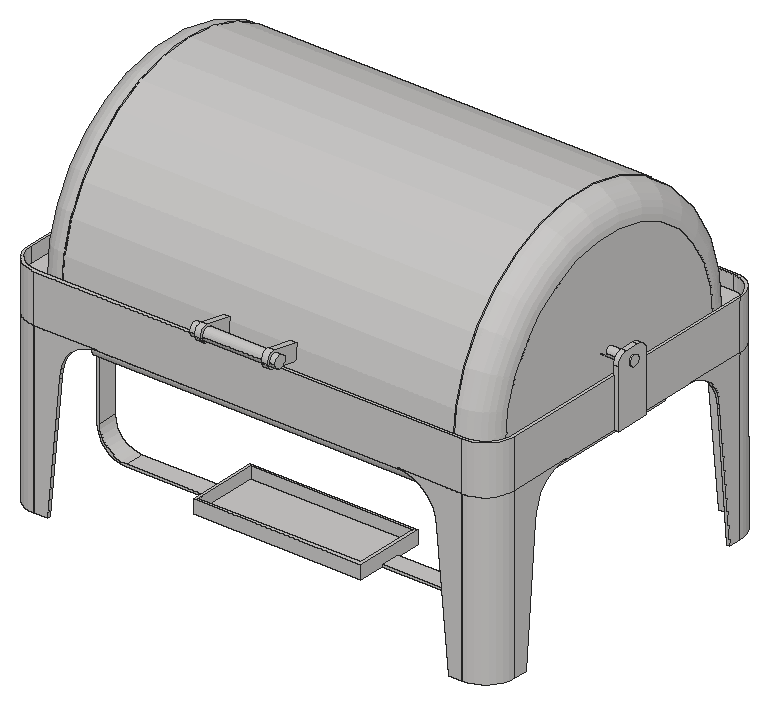
Revit family "QF_Vollrath_46080", category Specialty Equipment, Revit 2016
Family settings
  Part Type = Normal
  Round Connector Dimension = Use Diameter
  OmniClass Number = 23.40.40.14
  OmniClass Title = Food Service Equipment
  Work Plane-Based = No
  Always vertical = Yes
  Cut with Voids When Loaded = No
  Shared = No
  Room Calculation Point = No
Parameters
  Weight in Pounds = 38.65
  Watermarked By = "http://revitwatermark.com"
  URL Cutsheet = ""
  URL = "www.vollrathco.com"
  Status [instance] = ""
  Specification by User [instance] = ""
  Specification by Manufacturer [instance] = ""
  Serial Number [instance] = ""
  Seismic Rating [instance] = ""
  SMACNA No [instance] = ""
  Revision Code [instance] = ""
  NAFEM Spec ID Number [instance] = ""
  Model = "46080"
  Masterspec [instance] = ""
  Manufacturer = "Vollrath"
  Item Number [instance] = "-"
  Installed By [instance] = ""
  Height AFF [instance] = 3' - 0"
  Furnished By [instance] = ""
  Foodservice Equipment Identifier [instance] = yes
  Description = "New York, New York Dripless Chafer"
  CSI MasterFormat = "11 40 00"
  Assembly Code = "E1090310"
Reference planes (in)
  plane 1: z = 0
  plane 2 "Skirt Middle": z = 44.625
  plane 3 "TOP": z = 54.5
  plane 4 "Table Top": z = 36
  plane 5 "LEFT": x = -11.625
  plane 6: x = -10.6875
  plane 7: x = -9.4375
  plane 8: x = -9.1875
  plane 9: x = -3.4375
  plane 10 "RIGHT": x = 13.375
  plane 11: x = 12.4375
  plane 12: x = 11.1875
  plane 13: x = 10.9375
  plane 14: x = 5.1875
  plane 15 "FRONT": y = -17.875
  plane 16: y = -10.9375
  plane 17: y = -9.625
  plane 18 "BACK": y = -0.375
  plane 19: y = -7.3125
  plane 20: y = -8.625
  plane 21 "Center LR": y = -9.125
  plane 22 "Center FB": x = 0.875
  plane 23: z = 47.125
  plane 24 "Chaffer Surface": z = 46.25
  plane 25: z = 42.3125
  plane 26: z = 37.5
  plane 27: z = 38.1875
  plane 28: y = -18.875
  plane 29: y = -14.1875
Forms (in)
  Extrusion 1, solid, material "QF_Finishes_Polished Steel"
    sketch origin (-12, 0, 0) x (0, 1, 0) y (0, 0, 1)
      loop
        arc (-0.96258, 46.25) -> (-9.125, 54.41242) -> (-17.28742, 46.25) r 8.16242
        line (-17.28742, 46.25) -> (-0.96258, 46.25)
    from 2.8125 to 22.9375
  Revolve 2, solid, material "QF_Finishes_Polished Steel"
    sketch origin (0, -9.125, 0) x (1, 0, 0) y (0, 0, 1)
      loop
        line (-9.1875, 46.25) -> (-9.1875, 54.41242)
        arc (-9.1875, 54.41242) -> (-10.24816, 53.97308) -> (-10.6875, 52.91242) r 1.5
        line (-10.6875, 52.91242) -> (-10.6875, 46.25) -> (-9.1875, 46.25)
      axis (-10.6875, 46.25) -> (-9.1875, 46.25)
    angle from 90 to -90
  Revolve 3, solid, material "QF_Finishes_Polished Steel"
    sketch origin (1.625, -9.125, 0) x (-1, 0, 0) y (0, 0, 1)
      loop
        line (-9.3125, 46.25) -> (-9.3125, 54.41242)
        arc (-9.3125, 54.41242) -> (-10.37316, 53.97308) -> (-10.8125, 52.91242) r 1.5
        line (-10.8125, 52.91242) -> (-10.8125, 46.25) -> (-9.3125, 46.25)
      axis (-9.3125, 46.25) -> (-10.8125, 46.25)
    angle from 90 to -90
  Extrusion 4, solid, material "QF_Finishes_Stainless Steel"
    sketch origin (0, 0, 46.75) x (0, 1, 0) y (-1, 0, 0)
      loop
        arc (-0.375, 10.125) -> (-0.81434, 11.18566) -> (-1.875, 11.625) r 1.5
        line (-1.875, 11.625) -> (-16.375, 11.625)
        arc (-16.375, 11.625) -> (-17.43566, 11.18566) -> (-17.875, 10.125) r 1.5
        line (-17.875, 10.125) -> (-17.875, -11.875)
        arc (-17.875, -11.875) -> (-17.43566, -12.93566) -> (-16.375, -13.375) r 1.5
        line (-16.375, -13.375) -> (-1.875, -13.375)
        arc (-1.875, -13.375) -> (-0.81434, -12.93566) -> (-0.375, -11.875) r 1.5
        line (-0.375, -11.875) -> (-0.375, 10.125)
      loop
        arc (-0.5, 10.125) -> (-0.90273, 11.09727) -> (-1.875, 11.5) r 1.375
        line (-1.875, 11.5) -> (-16.375, 11.5)
        arc (-16.375, 11.5) -> (-17.34727, 11.09727) -> (-17.75, 10.125) r 1.375
        line (-17.75, 10.125) -> (-17.75, -11.875)
        arc (-17.75, -11.875) -> (-17.34727, -12.84727) -> (-16.375, -13.25) r 1.375
        line (-16.375, -13.25) -> (-1.875, -13.25)
        arc (-1.875, -13.25) -> (-0.90273, -12.84727) -> (-0.5, -11.875) r 1.375
        line (-0.5, -11.875) -> (-0.5, 10.125)
    from 0.375 to -2.125
  Extrusion 5, solid, material "QF_Finishes_Stainless Steel"
    sketch origin (-12, 0, 0) x (0, 1, 0) y (0, 0, 1)
      loop
        line (-15.375, 46.25) -> (-15.375, 42.8125)
        arc (-15.375, 42.8125) -> (-15.22855, 42.45895) -> (-14.875, 42.3125) r 0.5
        line (-14.875, 42.3125) -> (-3.875, 42.3125)
        arc (-3.875, 42.3125) -> (-3.52145, 42.45895) -> (-3.375, 42.8125) r 0.5
        line (-3.375, 42.8125) -> (-3.375, 46.25) -> (-15.375, 46.25)
    from 2.8125 to 22.9375
  Extrusion 6, solid, material "QF_Finishes_Polished Steel"
    sketch origin (0.875, -0.84695, -0.5) x (0, 1, 0) y (0, 0, 1)
      loop
        line (-16.14706, 48.50934) -> (-17.63804, 48.79916)
        arc (-17.63804, 48.79916) -> (-18.11434, 48.47789) -> (-17.79307, 48.00159) r 0.40625
        line (-17.79307, 48.00159) -> (-16.27672, 47.70684)
        arc (-16.27672, 47.70684) -> (-16.2229, 48.10987) -> (-16.14706, 48.50934) r 7.41242
      loop
        circle (-17.71555, 48.40037) r 0.3125
    from 1.5625 to 1.875
  Extrusion 7, solid, material "QF_Finishes_Polished Steel"
    sketch origin (0.875, -0.84695, -0.5) x (0, 1, 0) y (0, 0, 1)
      loop
        line (-16.13988, 48.50795) -> (-17.63804, 48.79916)
        arc (-17.63804, 48.79916) -> (-18.11434, 48.47789) -> (-17.79307, 48.00159) r 0.40625
        line (-17.79307, 48.00159) -> (-16.26834, 47.70521)
        arc (-16.26834, 47.70521) -> (-16.21512, 48.10834) -> (-16.13988, 48.50795) r 7.41242
      loop
        circle (-17.71555, 48.40037) r 0.3125
    from -1.5625 to -1.875
  Extrusion 8, solid, material "QF_Finishes_Polished Steel"
    sketch origin (0.875, -0.84695, -0.5) x (0, 1, 0) y (0, 0, 1)
      loop
        circle (-17.71555, 48.40037) r 0.3125
    from -2.1875 to 2.1875
  Extrusion 9, solid, material "QF_Finishes_Stainless Steel"
    sketch origin (0, 0, 46.25) x (0, 1, 0) y (-1, 0, 0)
      loop
        line (-1.875, 11.5) -> (-16.375, 11.5)
        arc (-16.375, 11.5) -> (-17.34727, 11.09727) -> (-17.75, 10.125) r 1.375
        line (-17.75, 10.125) -> (-17.75, -11.875)
        arc (-17.75, -11.875) -> (-17.34727, -12.84727) -> (-16.375, -13.25) r 1.375
        line (-16.375, -13.25) -> (-1.875, -13.25)
        arc (-1.875, -13.25) -> (-0.90273, -12.84727) -> (-0.5, -11.875) r 1.375
        line (-0.5, -11.875) -> (-0.5, 10.125)
        arc (-0.5, 10.125) -> (-0.90273, 11.09727) -> (-1.875, 11.5) r 1.375
    from 0 to 0.125
  Extrusion 10, solid, material "QF_Finishes_Stainless Steel"
    sketch origin (0, 0, 36) x (0, 1, 0) y (-1, 0, 0)
      loop
        arc (-16.375, 11.625) -> (-17.43566, 11.18566) -> (-17.875, 10.125) r 1.5
        line (-17.875, 10.125) -> (-17.75, 10.125)
        arc (-17.75, 10.125) -> (-17.34727, 11.09727) -> (-16.375, 11.5) r 1.375
        line (-16.375, 11.5) -> (-16.375, 11.625)
      loop
        arc (-0.375, 10.125) -> (-0.81434, 11.18566) -> (-1.875, 11.625) r 1.5
        line (-1.875, 11.625) -> (-1.875, 11.5)
        arc (-1.875, 11.5) -> (-0.90273, 11.09727) -> (-0.5, 10.125) r 1.375
        line (-0.5, 10.125) -> (-0.375, 10.125)
      loop
        arc (-1.875, -13.375) -> (-0.81434, -12.93566) -> (-0.375, -11.875) r 1.5
        line (-0.375, -11.875) -> (-0.5, -11.875)
        arc (-0.5, -11.875) -> (-0.90273, -12.84727) -> (-1.875, -13.25) r 1.375
        line (-1.875, -13.25) -> (-1.875, -13.375)
      loop
        arc (-17.875, -11.875) -> (-17.43566, -12.93566) -> (-16.375, -13.375) r 1.5
        line (-16.375, -13.375) -> (-16.375, -13.25)
        arc (-16.375, -13.25) -> (-17.34727, -12.84727) -> (-17.75, -11.875) r 1.375
        line (-17.75, -11.875) -> (-17.875, -11.875)
    from 0 to 8.625
  Extrusion 11, solid, material "QF_Finishes_Stainless Steel"
    sketch origin (0, -17.875, 0) x (-1, 0, 0) y (0, 0, 1)
      loop
        line (10.125, 36) -> (10.125, 44.625) -> (6.8125, 44.625)
        arc (6.8125, 44.625) -> (8.22671, 44.03921) -> (8.8125, 42.625) r 2
        line (8.8125, 42.625) -> (9.4375, 36) -> (10.125, 36)
      loop
        line (-11.875, 36) -> (-11.1875, 36) -> (-10.5625, 42.625)
        arc (-10.5625, 42.625) -> (-9.97671, 44.03921) -> (-8.5625, 44.625) r 2
        line (-8.5625, 44.625) -> (-11.875, 44.625) -> (-11.875, 36)
    from 0 to 0.125
  Extrusion 12, solid, material "QF_Finishes_Stainless Steel"
    sketch origin (0, -0.375, 0) x (-1, 0, 0) y (0, 0, -1)
      loop
        line (10.125, -36) -> (9.4375, -36) -> (8.8125, -42.625)
        arc (8.8125, -42.625) -> (8.22671, -44.03921) -> (6.8125, -44.625) r 2
        line (6.8125, -44.625) -> (10.125, -44.625) -> (10.125, -36)
      loop
        line (-11.875, -36) -> (-11.875, -44.625) -> (-8.5625, -44.625)
        arc (-8.5625, -44.625) -> (-9.97671, -44.03921) -> (-10.5625, -42.625) r 2
        line (-10.5625, -42.625) -> (-11.1875, -36) -> (-11.875, -36)
    from 0 to 0.125
  Extrusion 13, solid, material "QF_Finishes_Stainless Steel"
    sketch origin (-11.625, 0, 0) x (0, 1, 0) y (0, 0, 1)
      loop
        line (-1.875, 36) -> (-1.875, 44.625) -> (-5.1875, 44.625)
        arc (-5.1875, 44.625) -> (-3.77329, 44.03921) -> (-3.1875, 42.625) r 2
        line (-3.1875, 42.625) -> (-2.5625, 36) -> (-1.875, 36)
      loop
        line (-16.375, 36) -> (-15.6875, 36) -> (-15.0625, 42.625)
        arc (-15.0625, 42.625) -> (-14.47671, 44.03921) -> (-13.0625, 44.625) r 2
        line (-13.0625, 44.625) -> (-16.375, 44.625) -> (-16.375, 36)
    from 0 to 0.125
  Extrusion 14, solid, material "QF_Finishes_Stainless Steel"
    sketch origin (13.375, 0, 0) x (0, 1, 0) y (0, 0, -1)
      loop
        line (-1.875, -36) -> (-2.5625, -36) -> (-3.1875, -42.625)
        arc (-3.1875, -42.625) -> (-3.77329, -44.03921) -> (-5.1875, -44.625) r 2
        line (-5.1875, -44.625) -> (-1.875, -44.625) -> (-1.875, -36)
      loop
        line (-16.375, -36) -> (-16.375, -44.625) -> (-13.0625, -44.625)
        arc (-13.0625, -44.625) -> (-14.47671, -44.03921) -> (-15.0625, -42.625) r 2
        line (-15.0625, -42.625) -> (-15.6875, -36) -> (-16.375, -36)
    from 0 to 0.125
  Extrusion 15, solid, material "QF_Finishes_Stainless Steel"
    sketch origin (-240, 32.28301, 37.5) x (0, 1, 0) y (-1, 0, 0)
      loop
        line (-44.65801, -236.5625) -> (-48.28301, -236.5625) -> (-48.28301, -245.1875) -> (-44.65801, -245.1875) -> (-44.65801, -236.5625)
      loop
        line (-44.78301, -236.6875) -> (-48.15801, -236.6875) -> (-48.15801, -245.0625) -> (-44.78301, -245.0625) -> (-44.78301, -236.6875)
    from 0 to 0.6875
  Extrusion 16, solid, material "QF_Finishes_Stainless Steel"
    sketch origin (-240, 32.28301, 37.5) x (0, 1, 0) y (-1, 0, 0)
      loop
        line (-44.78301, -236.6875) -> (-48.15801, -236.6875) -> (-48.15801, -245.0625) -> (-44.78301, -245.0625) -> (-44.78301, -236.6875)
    from 0 to 0.125
  Extrusion 17, solid, material "QF_Finishes_Stainless Steel"
    sketch origin (0, -14.1875, 0) x (1, 0, 0) y (0, 0, 1)
      loop
        line (-9.4375, 46.25) -> (-9.4375, 39)
        arc (-9.4375, 39) -> (-8.99816, 37.93934) -> (-7.9375, 37.5) r 1.5
        line (-7.9375, 37.5) -> (-3.4375, 37.5) -> (-3.4375, 37.625) -> (-7.9375, 37.625)
        arc (-7.9375, 37.625) -> (-8.90977, 38.02773) -> (-9.3125, 39) r 1.375
        line (-9.3125, 39) -> (-9.3125, 46.25) -> (-9.4375, 46.25)
      loop
        line (5.1875, 37.5) -> (9.6875, 37.5)
        arc (9.6875, 37.5) -> (10.74816, 37.93934) -> (11.1875, 39) r 1.5
        line (11.1875, 39) -> (11.1875, 46.25) -> (11.0625, 46.25) -> (11.0625, 39)
        arc (11.0625, 39) -> (10.65977, 38.02773) -> (9.6875, 37.625) r 1.375
        line (9.6875, 37.625) -> (5.1875, 37.625) -> (5.1875, 37.5)
    from -0.5 to 0.5
  Extrusion 18, solid, material "QF_Finishes_Stainless Steel"
    sketch origin (-11.625, 0, 0) x (0, 1, 0) y (0, 0, 1)
      loop
        line (-10, 44.625) -> (-8.25, 44.625) -> (-8.25, 47.625)
        arc (-8.25, 47.625) -> (-8.39645, 47.97855) -> (-8.75, 48.125) r 0.5
        line (-8.75, 48.125) -> (-9.5, 48.125)
        arc (-9.5, 48.125) -> (-9.85355, 47.97855) -> (-10, 47.625) r 0.5
        line (-10, 47.625) -> (-10, 44.625)
      loop
        circle (-9.125, 47.5625) r 0.25
    from 0 to -0.25
  Extrusion 19, solid, material "QF_Finishes_Stainless Steel"
    sketch origin (-11.625, 0, 0) x (0, 1, 0) y (0, 0, 1)
      loop
        circle (-9.125, 47.5625) r 0.25
    from -0.375 to 1.25
  Extrusion 20, solid, material "QF_Finishes_Stainless Steel"
    sketch origin (13.375, 0, 0) x (0, 1, 0) y (0, 0, -1)
      loop
        line (-10, -44.625) -> (-10, -47.625)
        arc (-10, -47.625) -> (-9.85355, -47.97855) -> (-9.5, -48.125) r 0.5
        line (-9.5, -48.125) -> (-8.75, -48.125)
        arc (-8.75, -48.125) -> (-8.39645, -47.97855) -> (-8.25, -47.625) r 0.5
        line (-8.25, -47.625) -> (-8.25, -44.625) -> (-10, -44.625)
      loop
        circle (-9.125, -47.5625) r 0.25
    from 0 to -0.25
  Extrusion 21, solid, material "QF_Finishes_Stainless Steel"
    sketch origin (13.375, 0, 0) x (0, 1, 0) y (0, 0, -1)
      loop
        circle (-9.125, -47.5625) r 0.25
    from -0.375 to 1.25
Lines and regions (in)
  symbolic lines
    curve 1: arc (-10.125, -0.375, 36) -> (-11.18566, -0.81434, 36) -> (-11.625, -1.875, 36) r 1.5
    curve 2: line (11.875, -0.375, 36) -> (-10.125, -0.375, 36)
    curve 3: line (-11.625, -1.875, 36) -> (-11.625, -16.375, 36)
    curve 4: arc (-11.625, -16.375, 36) -> (-11.18566, -17.43566, 36) -> (-10.125, -17.875, 36) r 1.5
    curve 5: line (-10.125, -17.875, 36) -> (-1, -17.875, 36)
    curve 6: arc (11.875, -17.875, 36) -> (12.93566, -17.43566, 36) -> (13.375, -16.375, 36) r 1.5
    curve 7: line (13.375, -16.375, 36) -> (13.375, -1.875, 36)
    curve 8: arc (13.375, -1.875, 36) -> (12.93566, -0.81434, 36) -> (11.875, -0.375, 36) r 1.5
    curve 9: line (-1, -17.28742, 36) -> (-1, -18.96875, 36)
    curve 10: line (-0.6875, -18.96875, 36) -> (-0.6875, -17.28742, 36)
    curve 11: line (2.4375, -17.28742, 36) -> (2.4375, -18.96875, 36)
    curve 12: line (2.75, -18.96875, 36) -> (2.75, -17.28742, 36)
    curve 13: line (3.0625, -18.875, 36) -> (3.0625, -18.25, 36)
    curve 14: line (-1.3125, -18.25, 36) -> (-1.3125, -18.875, 36)
    curve 15: line (-1.3125, -18.25, 36) -> (-1, -18.25, 36)
    curve 16: line (-0.6875, -18.25, 36) -> (2.4375, -18.25, 36)
    curve 17: line (2.75, -18.25, 36) -> (3.0625, -18.25, 36)
    curve 18: line (3.0625, -18.875, 36) -> (2.75, -18.875, 36)
    curve 19: line (2.75, -18.96875, 36) -> (2.4375, -18.96875, 36)
    curve 20: line (2.4375, -18.875, 36) -> (-0.6875, -18.875, 36)
    curve 21: line (-1, -18.875, 36) -> (-1.3125, -18.875, 36)
    curve 22: line (-1, -18.96875, 36) -> (-0.6875, -18.96875, 36)
    curve 23: line (2.75, -17.875, 36) -> (11.875, -17.875, 36)
    curve 24: arc (-10.6875, -2.46258, 36) -> (-10.24816, -1.40192, 36) -> (-9.1875, -0.96258, 36) r 1.5
    curve 25: line (-9.1875, -0.96258, 36) -> (10.9375, -0.96258, 36)
    curve 26: line (-10.6875, -2.46258, 36) -> (-10.6875, -15.78742, 36)
    curve 27: arc (-9.1875, -17.28742, 36) -> (-10.24816, -16.84808, 36) -> (-10.6875, -15.78742, 36) r 1.5
    curve 28: line (10.9375, -17.28742, 36) -> (-9.1875, -17.28742, 36)
    curve 29: arc (12.4375, -15.78742, 36) -> (11.99816, -16.84808, 36) -> (10.9375, -17.28742, 36) r 1.5
    curve 30: line (12.4375, -2.46258, 36) -> (12.4375, -15.78742, 36)
    curve 31: arc (10.9375, -0.96258, 36) -> (11.99816, -1.40192, 36) -> (12.4375, -2.46258, 36) r 1.5
    curve 32: line (-9.1875, -0.96258, 36) -> (-9.1875, -17.28742, 36)
    curve 33: line (10.9375, -0.96258, 36) -> (10.9375, -17.28742, 36)
    curve 34: line (-10.6875, -8.875, 36) -> (-11.625, -8.875, 36)
    curve 35: line (-11.625, -8.25, 36) -> (-11.875, -8.25, 36)
    curve 36: line (-11.875, -8.25, 36) -> (-11.875, -10, 36)
    curve 37: line (-11.875, -10, 36) -> (-11.625, -10, 36)
    curve 38: line (-10.6875, -9.375, 36) -> (-11.625, -9.375, 36)
    curve 39: line (12.4375, -8.875, 36) -> (13.375, -8.875, 36)
    curve 40: line (13.375, -8.25, 36) -> (13.625, -8.25, 36)
    curve 41: line (13.625, -8.25, 36) -> (13.625, -10, 36)
    curve 42: line (13.625, -10, 36) -> (13.375, -10, 36)
    curve 43: line (12.4375, -9.375, 36) -> (13.375, -9.375, 36)
Dimensions and locks (in)
  "Height AFF": plane 4 "Table Top" to level
  plane 5 "LEFT" to plane 10 "RIGHT" = 2' - 1"
  locked: plane 11 to plane 10 "RIGHT" at 0.9375
  locked: plane 12 to plane 11 at 1.25
  locked: plane 13 to plane 12 at 0.25
  equal spacing: plane 5 "LEFT", plane 22 "Center FB", plane 10 "RIGHT"
  locked: plane 22 "Center FB" to plane 14 at 4.3125
  locked: plane 9 to plane 22 "Center FB" at 4.3125
  locked: plane 5 "LEFT" to plane 6 at 0.9375
  locked: plane 6 to plane 7 at 1.25
  locked: plane 7 to plane 8 at 0.25
  equal spacing: plane 15 "FRONT", plane 21 "Center LR", plane 18 "BACK"
  locked: plane 15 "FRONT" to plane 18 "BACK" at 17.5
  locked: plane 17 to plane 21 "Center LR" at 0.5
  locked: plane 21 "Center LR" to plane 20 at 0.5
  locked: plane 21 "Center LR" to plane 19 at 1.8125
  locked: plane 16 to plane 21 "Center LR" at 1.8125
  locked: plane 3 "TOP" to plane 4 "Table Top" at 18.5
  locked: plane 23 to plane 2 "Skirt Middle" at 2.5
  locked: plane 23 to plane 24 "Chaffer Surface" at 0.875
  locked: plane 23 to plane 25 at 4.8125
  locked: plane 26 to plane 4 "Table Top" at 1.5
  locked: plane 27 to plane 26 at 0.6875
  locked: plane 25 to plane 27 at 4.125
  locked: plane 18 "BACK" to plane 28 at 18.5
  locked: plane 29 to plane 15 "FRONT" at 3.6875
  locked: Extrusion 19 sketch curve to plane 2 "Skirt Middle" at 2.9375
  aligned and locked: level to plane 1
  aligned: plane 6 to Extrusion 1
  aligned: plane 11 to Extrusion 1
  aligned: plane 8 to Extrusion 1
  aligned: plane 13 to Extrusion 1
  aligned and locked: plane 18 "BACK" to Extrusion 4 sketch curve
  aligned and locked: plane 5 "LEFT" to Extrusion 4 sketch curve
  aligned and locked: plane 15 "FRONT" to Extrusion 4 sketch curve
  aligned and locked: plane 10 "RIGHT" to Extrusion 4 sketch curve
  aligned and locked: Extrusion 4 to plane 2 "Skirt Middle"
  aligned and locked: plane 8 to Extrusion 5
  aligned and locked: plane 13 to Extrusion 5
  aligned and locked: plane 24 "Chaffer Surface" to Extrusion 5
  aligned and locked: Extrusion 5 to plane 25
  aligned and locked: plane 23 to Extrusion 4
  aligned and locked: plane 24 "Chaffer Surface" to Revolve 2 sketch curve
  aligned and locked: Revolve 2 sketch curve to plane 24 "Chaffer Surface"
  aligned and locked: Revolve 3 sketch curve to plane 24 "Chaffer Surface"  (x2)
  aligned and locked: plane 2 "Skirt Middle" to Extrusion 10
  aligned and locked: Extrusion 11 sketch curve to plane 2 "Skirt Middle"
  aligned and locked: plane 2 "Skirt Middle" to Extrusion 11 sketch curve
  aligned and locked: plane 4 "Table Top" to Extrusion 11 sketch curve
  aligned and locked: Extrusion 11 sketch curve to plane 4 "Table Top"
  aligned and locked: Extrusion 12 sketch curve to plane 2 "Skirt Middle"
  aligned and locked: plane 2 "Skirt Middle" to Extrusion 12 sketch curve
  aligned and locked: Extrusion 12 sketch curve to plane 4 "Table Top"
  aligned and locked: plane 4 "Table Top" to Extrusion 12 sketch curve
  aligned and locked: Extrusion 13 sketch curve to plane 2 "Skirt Middle"
  aligned and locked: Extrusion 13 sketch curve to plane 4 "Table Top"
  aligned and locked: plane 2 "Skirt Middle" to Extrusion 13 sketch curve
  aligned and locked: plane 4 "Table Top" to Extrusion 13 sketch curve
  aligned and locked: Extrusion 14 sketch curve to plane 2 "Skirt Middle"
  aligned and locked: plane 2 "Skirt Middle" to Extrusion 14 sketch curve
  aligned and locked: plane 4 "Table Top" to Extrusion 14 sketch curve
  aligned and locked: Extrusion 14 sketch curve to plane 4 "Table Top"
  aligned and locked: plane 2 "Skirt Middle" to Extrusion 18 sketch curve
Automatic sketch dimensions
  Extrusion 4 sketch curve to Extrusion 4 sketch curve = 0' - 0"  (x8)
  Extrusion 4 sketch curve to Extrusion 4 sketch curve = 0' - 0 1/8"
  plane 15 "FRONT" to Extrusion 4 sketch curve = 0' - 1 1/2"
  Extrusion 4 sketch curve to plane 6 = 0' - 0 9/16"
  plane 18 "BACK" to Extrusion 4 sketch curve = 0' - 1 1/2"  (x2)
  plane 15 "FRONT" to Extrusion 9 sketch curve = 0' - 0 1/8"
  plane 5 "LEFT" to Extrusion 9 sketch curve = 0' - 0 1/8"
  plane 15 "FRONT" to Extrusion 9 sketch curve = 0' - 1 1/2"
  Extrusion 9 sketch curve to plane 11 = 0' - 0 9/16"
  Extrusion 9 sketch curve to Extrusion 9 sketch curve = 0' - 1 3/8"
  plane 18 "BACK" to Extrusion 9 sketch curve = 0' - 1 1/2"  (x2)
  plane 18 "BACK" to Extrusion 9 sketch curve = 0' - 0 1/8"
  Extrusion 10 sketch curve to Extrusion 10 sketch curve = 0' - 0"  (x8)
  Extrusion 10 sketch curve to plane 15 "FRONT" = 0' - 0"  (x2)
  Extrusion 10 sketch curve to plane 10 "RIGHT" = 0' - 0"  (x2)
  Extrusion 10 sketch curve to plane 5 "LEFT" = 0' - 0"  (x2)
  plane 18 "BACK" to Extrusion 10 sketch curve = 0' - 0"  (x2)
  plane 15 "FRONT" to Extrusion 10 sketch curve = 0' - 0 1/8"
  Extrusion 10 sketch curve to Extrusion 10 sketch curve = 0' - 0 1/8"
  plane 15 "FRONT" to Extrusion 10 sketch curve = 0' - 1 1/2"  (x2)
  plane 10 "RIGHT" to Extrusion 10 sketch curve = 0' - 0 1/8"
  plane 18 "BACK" to Extrusion 10 sketch curve = 0' - 1 1/2"  (x2)
  plane 5 "LEFT" to Extrusion 10 sketch curve = 0' - 0 1/8"
  Extrusion 15 sketch curve to plane 14 = 0' - 0"
  Extrusion 15 sketch curve to plane 9 = 0' - 0"
  plane 29 to Extrusion 15 sketch curve = 0' - 1 13/16"
  Extrusion 15 sketch curve to Extrusion 15 sketch curve = 0' - 0 1/8"  (x2)
  Extrusion 15 sketch curve to plane 14 = 0' - 0 1/8"
  Extrusion 15 sketch curve to plane 16 = 0' - 1 9/16"
  Extrusion 15 sketch curve to plane 9 = 0' - 0 1/8"
  Extrusion 16 sketch curve to plane 9 = 0' - 0 1/8"
  plane 29 to Extrusion 16 sketch curve = 0' - 1 11/16"
  Extrusion 16 sketch curve to plane 16 = 0' - 1 9/16"
  Extrusion 16 sketch curve to plane 14 = 0' - 0 1/8"
  Extrusion 19 sketch curve to plane 21 "Center LR" = 0' - 0"
  Extrusion 1 sketch curve to plane 24 "Chaffer Surface" = 0' - 0"
  Extrusion 1 sketch curve to plane 21 "Center LR" = 0' - 0"
  plane 15 "FRONT" to Extrusion 1 sketch curve = 0' - 0.58758"
  plane 6 to Revolve 2 sketch curve = 0' - 0"
  plane 8 to Revolve 2 sketch curve = 0' - 0"
  Revolve 2 sketch curve to plane 5 "LEFT" = 7' - 7.44538"
  Revolve 2 sketch curve to plane 10 "RIGHT" = 7' - 2.50085"
  Revolve 2 sketch curve to plane 3 "TOP" = 0' - 1.58758"
  Revolve 3 sketch curve to plane 11 = 0' - 0"
  Revolve 3 sketch curve to plane 13 = 0' - 0"
  plane 10 "RIGHT" to Revolve 3 sketch curve = 7' - 2.50085"
  plane 5 "LEFT" to Revolve 3 sketch curve = 7' - 7.44538"
  plane 3 "TOP" to Revolve 3 sketch curve = 0' - 1.58758"
  Extrusion 5 sketch curve to plane 24 "Chaffer Surface" = 0' - 0"
  Extrusion 5 sketch curve to plane 25 = 0' - 0"
  plane 29 to Extrusion 5 sketch curve = 0' - 1 3/16"
  plane 29 to Extrusion 5 sketch curve = 0' - 0 11/16"
  Extrusion 5 sketch curve to plane 19 = 0' - 3 7/16"
  plane 18 "BACK" to Extrusion 5 sketch curve = 0' - 3"
  Extrusion 6 sketch curve to Extrusion 6 sketch curve = 0' - 0"  (x2)
  plane 28 to Extrusion 6 sketch curve = 0' - 0.23498"
  plane 28 to Extrusion 6 sketch curve = 0' - 0 5/16"
  plane 28 to Extrusion 6 sketch curve = 0' - 0.39002"
  plane 23 to Extrusion 6 sketch curve = 0' - 0.08184"
  plane 15 "FRONT" to Extrusion 6 sketch curve = 0' - 0.75133"
  Extrusion 6 sketch curve to Extrusion 6 sketch curve = 0' - 0.12966"
  Extrusion 6 sketch curve to plane 17 = 0' - 0.12732"
  plane 24 "Chaffer Surface" to Extrusion 6 sketch curve = 0' - 0.17755"
  plane 23 to Extrusion 6 sketch curve = 0' - 0.37659"
  Extrusion 6 sketch curve to Extrusion 6 sketch curve = 0' - 0.39879"
  Extrusion 7 sketch curve to Extrusion 7 sketch curve = 0' - 0"  (x2)
  plane 28 to Extrusion 7 sketch curve = 0' - 0.23498"
  plane 28 to Extrusion 7 sketch curve = 0' - 0 5/16"
  plane 28 to Extrusion 7 sketch curve = 0' - 0.39002"
  plane 23 to Extrusion 7 sketch curve = 0' - 0.08021"
  plane 15 "FRONT" to Extrusion 7 sketch curve = 0' - 0.75972"
  Extrusion 7 sketch curve to Extrusion 7 sketch curve = 0' - 0.12845"
  Extrusion 7 sketch curve to plane 17 = 0' - 0.11776"
  plane 24 "Chaffer Surface" to Extrusion 7 sketch curve = 0' - 0.18711"
  plane 23 to Extrusion 7 sketch curve = 0' - 0.37659"
  Extrusion 7 sketch curve to Extrusion 7 sketch curve = 0' - 0.39879"
  plane 28 to Extrusion 8 sketch curve = 0' - 0 5/16"
  plane 23 to Extrusion 8 sketch curve = 0' - 0.77537"
  Extrusion 11 sketch curve to plane 12 = 0' - 0"
  plane 7 to Extrusion 11 sketch curve = 0' - 0"
  Extrusion 11 sketch curve to plane 11 = 0' - 0 9/16"
  Extrusion 11 sketch curve to plane 13 = 0' - 0 3/8"
  Extrusion 11 sketch curve to plane 13 = 0' - 2 3/8"
  Extrusion 11 sketch curve to Extrusion 11 sketch curve = 0' - 0"  (x2)
  Extrusion 11 sketch curve to plane 8 = 0' - 2 3/8"
  plane 25 to Extrusion 11 sketch curve = 0' - 0 5/16"
  Extrusion 11 sketch curve to plane 6 = 0' - 0 9/16"
  Extrusion 12 sketch curve to plane 12 = 0' - 0"
  plane 7 to Extrusion 12 sketch curve = 0' - 0"
  plane 11 to Extrusion 12 sketch curve = 0' - 0 9/16"
  plane 13 to Extrusion 12 sketch curve = 0' - 0 3/8"
  plane 13 to Extrusion 12 sketch curve = 0' - 2 3/8"
  Extrusion 12 sketch curve to Extrusion 12 sketch curve = 0' - 0"  (x2)
  plane 8 to Extrusion 12 sketch curve = 0' - 2 3/8"
  Extrusion 12 sketch curve to plane 25 = 0' - 0 5/16"
  plane 6 to Extrusion 12 sketch curve = 0' - 0 9/16"
  plane 15 "FRONT" to Extrusion 13 sketch curve = 0' - 1 1/2"
  Extrusion 13 sketch curve to Extrusion 13 sketch curve = 0' - 0 11/16"
  plane 25 to Extrusion 13 sketch curve = 0' - 0 5/16"  (x2)
  plane 29 to Extrusion 13 sketch curve = 0' - 0 7/8"
  Extrusion 13 sketch curve to Extrusion 13 sketch curve = 0' - 0"  (x2)
  Extrusion 13 sketch curve to plane 19 = 0' - 2 1/8"
  plane 18 "BACK" to Extrusion 13 sketch curve = 0' - 2 3/16"
  plane 18 "BACK" to Extrusion 13 sketch curve = 0' - 1 1/2"
  Extrusion 14 sketch curve to plane 15 "FRONT" = 0' - 1 1/2"
  Extrusion 14 sketch curve to Extrusion 14 sketch curve = 0' - 0 11/16"
  Extrusion 14 sketch curve to plane 25 = 0' - 0 5/16"  (x2)
  Extrusion 14 sketch curve to plane 29 = 0' - 0 7/8"
  Extrusion 14 sketch curve to Extrusion 14 sketch curve = 0' - 0"  (x2)
  plane 19 to Extrusion 14 sketch curve = 0' - 2 1/8"
  Extrusion 14 sketch curve to plane 18 "BACK" = 0' - 2 3/16"
  Extrusion 14 sketch curve to plane 18 "BACK" = 0' - 1 1/2"
  Extrusion 17 sketch curve to Extrusion 17 sketch curve = 0' - 0"  (x4)
  plane 7 to Extrusion 17 sketch curve = 0' - 0"
  Extrusion 17 sketch curve to plane 24 "Chaffer Surface" = 0' - 0"  (x2)
  Extrusion 17 sketch curve to plane 26 = 0' - 0"  (x2)
  plane 9 to Extrusion 17 sketch curve = 0' - 0"
  Extrusion 17 sketch curve to plane 14 = 0' - 0"
  Extrusion 17 sketch curve to plane 12 = 0' - 0"
  Extrusion 17 sketch curve to plane 7 = 0' - 0 1/8"
  Extrusion 17 sketch curve to plane 8 = 0' - 1 1/4"
  plane 27 to Extrusion 17 sketch curve = 0' - 0 13/16"
  Extrusion 17 sketch curve to plane 12 = 0' - 0 1/8"
  Extrusion 18 sketch curve to plane 21 "Center LR" = 0' - 0"
  plane 17 to Extrusion 18 sketch curve = 0' - 0 1/8"
  Extrusion 18 sketch curve to plane 17 = 0' - 0 3/8"
  plane 20 to Extrusion 18 sketch curve = 0' - 0 1/8"
  Extrusion 18 sketch curve to plane 20 = 0' - 0 3/8"
  plane 23 to Extrusion 18 sketch curve = 0' - 0 7/16"
  plane 23 to Extrusion 18 sketch curve = 0' - 0 1/2"
  Extrusion 20 sketch curve to plane 2 "Skirt Middle" = 0' - 0"
  Extrusion 20 sketch curve to plane 21 "Center LR" = 0' - 0"
  Extrusion 20 sketch curve to plane 17 = 0' - 0 1/8"
  plane 17 to Extrusion 20 sketch curve = 0' - 0 3/8"
  Extrusion 20 sketch curve to plane 20 = 0' - 0 1/8"
  plane 20 to Extrusion 20 sketch curve = 0' - 0 3/8"
  Extrusion 20 sketch curve to plane 23 = 0' - 0 7/16"
  Extrusion 20 sketch curve to plane 23 = 0' - 0 1/2"
  Extrusion 21 sketch curve to plane 21 "Center LR" = 0' - 0"
  Extrusion 21 sketch curve to plane 23 = 0' - 0 7/16"
  curve 18 to plane 28 = 0' - 0"
  curve 14 to plane 28 = 0' - 0"
  curve 20 to plane 28 = 0' - 0"
  curve 6 to plane 15 "FRONT" = 0' - 0"
  curve 5 to plane 15 "FRONT" = 0' - 0"
  curve 28 to plane 13 = 0' - 0"
  curve 32 to plane 8 = 0' - 0"
  curve 3 to plane 5 "LEFT" = 0' - 0"
  curve 7 to plane 10 "RIGHT" = 0' - 0"
  curve 29 to plane 11 = 0' - 0"
  curve 27 to plane 6 = 0' - 0"
  plane 18 "BACK" to curve 8 = 0' - 0"
  curve 19 to plane 28 = 0' - 0 3/32"
  curve 9 to plane 28 = 0' - 0 3/32"
  curve 15 to plane 15 "FRONT" = 0' - 0 3/8"
  curve 17 to plane 15 "FRONT" = 0' - 0 3/8"
  curve 16 to curve 17 = 0' - 0"
  curve 23 to curve 12 = 0' - 0.58758"
  curve 3 to curve 27 = 0' - 0.58758"
  curve 7 to curve 30 = 0' - 0.58758"
  curve 36 to plane 17 = 0' - 0 3/8"
  curve 42 to plane 17 = 0' - 0 3/8"
  plane 17 to curve 43 = 0' - 0 1/4"
  plane 17 to curve 38 = 0' - 0 1/4"
  plane 20 to curve 34 = 0' - 0 1/4"
  plane 20 to curve 39 = 0' - 0 1/4"
  curve 40 to plane 20 = 0' - 0 3/8"
  curve 35 to plane 20 = 0' - 0 3/8"
  plane 18 "BACK" to curve 24 = 0' - 2.08758"
  curve 26 to curve 1 = 0' - 0.58758"
  curve 30 to curve 8 = 0' - 0.58758"
  curve 40 to plane 10 "RIGHT" = 0' - 0 1/4"
  curve 13 to plane 14 = 0' - 2 1/8"
  curve 13 to curve 17 = 0' - 0 5/16"
  curve 12 to curve 19 = 0' - 0 5/16"
  curve 16 to plane 22 "Center FB" = 0' - 1 9/16"
  curve 16 to curve 5 = 0' - 0 5/16"
  curve 21 to curve 21 = 0' - 0 5/16"
  curve 36 to plane 5 "LEFT" = 0' - 0 1/4"
  radius of Extrusion 19 sketch curve = 0' - 0 1/4"
  radius of Extrusion 6 sketch curve = 0' - 0 5/16"
  radius of Extrusion 7 sketch curve = 0' - 0 5/16"
  radius of Extrusion 8 sketch curve = 0' - 0 5/16"
  radius of Extrusion 18 sketch curve = 0' - 0 1/4"
  radius of Extrusion 20 sketch curve = 0' - 0 1/4"
  radius of Extrusion 21 sketch curve = 0' - 0 1/4"
